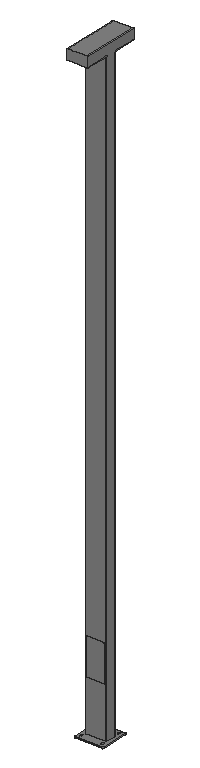
Revit family "Супремус В", category Осветительные приборы, Revit 2019 (continued)
Types (7, lengths in mm): name | Файл фотометрической сетки | built-in parameter 1150105 | Lumens | built-in parameter 1150106 | built-in parameter 1150142 | Wattage | L_общая рассеиватели | ADSK_Фактическая мощность | ADSK_Размер_Высота | ADSK_Номинальная мощность | ADSK_Наименование | ADSK_Масса_Текст | ADSK_Масса | ADSK_Артикул | 2
  ДТУ121с5 Светодиодный светильник Супремус-B ДТУ-121-AF-ДТУП1211(40Вт)-5,0 | "DTU-121-AF Supremus B 40W 60°x130°.ies" | 616.95 (stored number, unit not read) | 4400 lm | 6.1695 (stored number, unit not read) | "IESNA:LM-63-1995\r\n[TEST]\t\tALF\r\n[MANUFAC]\tALFRESCO\r\n[LUMCAT]\tDTU-121-AF\r\n[LUMINAIRE]\tDTU-121-AF Supremus B 40W 60°x130°\r\n[LAMP]\t\tOsram_Duris_S8\r\n[DATE]\t\t\r\n[OTHER]\t\t\r\nTILT=NONE\r\n1 3444.0 3.444 361 72 1 2 0.23 0.10 0.00\r\n1.0 1 28.0\r\n0.0 0.5 1.0 1.5 2.0 2.5 3.0 3.5 4.0 4.5 5.0 5.5 6.0 6.5 7.0 7.5 8.0 8.5 9.0 9.5 10.0 10.5 11.0 11.5 12.0 12.5 13.0 13.5 14.0 14.5\r\n 15.0 15.5 16.0 16.5 17.0 17.5 18.0 18.5 19.0 19.5 20.0 20.5 21.0 21.5 22.0 22.5 23.0 23.5 24.0 24.5 25.0 25.5 26.0 26.5 27.0 27.5\r\n 28.0 28.5 29.0 29.5 30.0 30.5 31.0 31.5 32.0 32.5 33.0 33.5 34.0 34.5 35.0 35.5 36.0 36.5 37.0 37.5 38.0 38.5 39.0 39.5 40.0 40.5\r\n 41.0 41.5 42.0 42.5 43.0 43.5 44.0 44.5 45.0 45.5 46.0 46.5 47.0 47.5 48.0 48.5 49.0 49.5 50.0 50.5 51.0 51.5 52.0 52.5 53.0 53.5\r\n 54.0 54.5 55.0 55.5 56.0 56.5 57.0 57.5 58.0 58.5 59.0 59.5 60.0 60.5 61.0 61.5 62.0 62.5 63.0 63.5 64.0 64.5 65.0 65.5 66.0 66.5\r\n 67.0 67.5 68.0 68.5 69.0 69.5 70.0 70.5 71.0 71.5 72.0 72.5 73.0 73.5 74.0 74.5 75.0 75.5 76.0 76.5 77.0 77.5 78.0 78.5 79.0 79.5\r\n 80.0 80.5 81.0 81.5 82.0 82.5 83.0 83.5 84.0 84.5 85.0 85.5 86.0 86.5 87.0 87.5 88.0 88.5 89.0 89.5 90.0 90.5 91.0 91.5 92.0 92.5\r\n 93.0 93.5 94.0 94.5 95.0 95.5 96.0 96.5 97.0 97.5 98.0 98.5 99.0 99.5 100.0 100.5 101.0 101.5 102.0 102.5 103.0 103.5 104.0 104.5\r\n 105.0 105.5 106.0 106.5 107.0 107.5 108.0 108.5 109.0 109.5 110.0 110.5 111.0 111.5 112.0 112.5 113.0 113.5 114.0 114.5 115.0\r\n 115.5 116.0 116.5 117.0 117.5 118.0 118.5 119.0 119.5 120.0 120.5 121.0 121.5 122.0 122.5 123.0 123.5 124.0 124.5 125.0 125.5\r\n 126.0 126.5 127.0 127.5 128.0 128.5 129.0 129.5 130.0 130.5 131.0 131.5 132.0 132.5 133.0 133.5 134.0 134.5 135.0 135.5 136.0\r\n 136.5 137.0 137.5 138.0 138.5 139.0 139.5 140.0 140.5 141.0 141.5 142.0 142.5 143.0 143.5 144.0 144.5 145.0 145.5 146.0 146.5\r\n 147.0 147.5 148.0 148.5 149.0 149.5 150.0 150.5 151.0 151.5 152.0 152.5 153.0 153.5 154.0 154.5 155.0 155.5 156.0 156.5 157.0\r\n 157.5 158.0 158.5 159.0 159.5 160.0 160.5 161.0 161.5 162.0 162.5 163.0 163.5 164.0 164.5 165.0 165.5 166.0 166.5 167.0 167.5\r\n 168.0 168.5 169.0 169.5 170.0 170.5 171.0 171.5 172.0 172.5 173.0 173.5 174.0 174.5 175.0 175.5 176.0 176.5 177.0 177.5 178.0\r\n 178.5 179.0 179.5 180.0\r\n0.0 5.0 10.0 15.0 20.0 25.0 30.0 35.0 40.0 45.0 50.0 55.0 60.0 65.0 70.0 75.0 80.0 85.0 90.0 95.0 100.0 105.0 110.0 115.0 120.0\r\n 125.0 130.0 135.0 140.0 145.0 150.0 155.0 160.0 165.0 170.0 175.0 180.0 185.0 190.0 195.0 200.0 205.0 210.0 215.0 220.0 225.0\r\n 230.0 235.0 240.0 245.0 250.0 255.0 260.0 265.0 270.0 275.0 280.0 285.0 290.0 295.0 300.0 305.0 310.0 315.0 320.0 325.0 330.0\r\n 335.0 340.0 345.0 350.0 355.0 360.0\r\n275.6 275.6 275.4 275.4 275.1 275.0 274.6 274.5 274.0 273.6 273.1 272.6 272.1 271.6 271.2 270.5 269.9 269.3 268.8 268.0 267.4\r\n 266.9 266.3 265.6 265.0 264.5 264.1 263.6 263.2 263.0 262.7 262.5 262.4 262.4 262.3 262.4 262.5 262.8 263.1 263.2 263.6 264.1\r\n 264.6 265.1 265.7 266.3 266.8 267.5 268.0 268.6 269.3 270.0 270.6 271.4 272.2 272.9 274.0 274.8 275.8 276.8 277.9 279.0 280.1\r\n 281.1 282.3 283.5 284.7 286.1 287.2 288.5 289.8 291.2 292.5 294.0 295.6 296.9 298.3 299.9 301.1 302.3 303.8 305.3 307.0 309.2\r\n 310.7 312.1 313.4 315.4 317.5 318.3 318.9 319.8 320.8 321.9 322.8 323.7 324.9 326.2 327.1 328.4 329.9 331.5 333.0 334.7 336.5\r\n 338.5 340.6 342.9 345.1 347.3 349.5 351.3 352.7 353.8 354.6 355.1 355.0 354.6 353.9 353.3 352.9 352.1 350.9 350.0 348.7 346.8\r\n 343.7 340.1 336.0 332.0 328.1 323.5 318.6 314.1 309.6 304.7 300.3 295.5 290.9 286.8 283.6 281.0 278.4 276.0 271.5 265.0 257.4\r\n 247.6 235.1 220.3 205.5 189.6 171.6 151.8 130.1 108.8 90.3 73.3 59.4 45.5 31.5 24.0 18.8 15.4 13.3 11.9 10.7 9.6 8.8 7.9 7.1 6.4\r\n 5.7 5.1 4.4 3.8 3.2 2.6 2.3 2.0 2.0 2.0 2.0 2.0 1.8 1.8 1.6 1.5 1.3 1.1 1.1 1.0 0.9 0.9 0.9 0.9 0.9 0.9 1.0 1.0 1.0 0.0 0.0 0.0\r\n 0.0 0.0 0.0 0.0 0.0 0.0 0.0 0.0 0.0 0.0 0.0 0.0 0.0 0.0 0.0 0.0 0.0 0.0 0.0 0.0 0.0 0.0 0.0 0.0 0.0 0.0 0.0 0.0 0.0 0.0 0.0 0.0\r\n 0.0 0.0 0.0 0.0 0.0 0.0 0.0 0.0 0.0 0.0 0.0 0.0 0.0 0.0 0.0 0.0 0.0 0.0 0.0 0.0 0.0 0.0 0.0 0.0 0.0 0.0 0.0 0.0 0.0 0.0 0.0 0.0\r\n 0.0 0.0 0.0 0.0 0.0 0.0 0.0 0.0 0.0 0.0 0.0 0.0 0.0 0.0 0.0 0.0 0.0 0.0 0.0 0.0 0.0 0.0 0.0 0.0 0.0 0.0 0.0 0.0 0.0 0.0 0.0 0.0\r\n 0.0 0.0 0.0 0.0 0.0 0.0 0.0 0.0 0.0 0.0 0.0 0.0 0.0 0.0 0.0 0.0 0.0 0.0 0.0 0.0 0.0 0.0 0.0 0.0 0.0 0.0 0.0 0.0 0.0 0.0 0.0 0.0\r\n 0.0 0.0 0.0 0.0 0.0 0.0 0.0 0.0 0.0 0.0 0.0 0.0 0.0 0.0 0.0 0.0 0.0 0.0 0.0 0.0 0.0 0.0 0.0 0.0 0.0 0.0 0.0 0.0 0.0\r\n275.6 275.8 276.0 276.1 276.0 276.0 276.0 275.8 275.6 275.4 275.2 275.0 274.6 274.4 274.0 273.7 273.1 272.7 272.5 272.2 271.6\r\n 271.3 270.9 270.4 270.1 269.8 269.6 269.5 269.4 269.3 269.3 269.3 269.5 269.6 269.9 270.2 270.3 270.5 271.1 271.7 272.2 272.8\r\n 273.5 274.2 274.8 275.5 276.2 276.9 277.6 278.4 279.1 279.8 280.4 281.3 282.1 283.0 284.0 284.8 285.9 287.0 288.1 289.3 290.2\r\n 291.4 292.5 294.0 295.3 296.4 297.8 299.2 300.5 301.9 303.5 305.3 306.9 308.6 310.5 312.2 314.0 316.1 318.2 320.4 322.7 325.4\r\n 327.9 330.2 332.3 335.0 337.3 338.6 339.9 341.3 342.8 344.4 345.3 346.3 347.8 349.5 351.3 353.4 355.6 358.0 360.0 362.1 364.4\r\n 366.6 368.9 371.0 373.3 375.5 377.8 379.6 381.5 382.8 383.9 384.9 385.4 385.3 385.1 385.1 384.7 384.1 382.7 381.0 378.8 376.3\r\n 373.0 368.5 363.7 358.7 353.8 348.2 342.3 336.7 330.6 324.5 319.0 314.1 310.2 306.7 304.3 302.4 300.6 298.2 293.4 286.7 277.8\r\n 266.5 251.9 234.3 216.2 198.9 180.1 159.7 138.7 117.6 96.5 78.5 62.9 47.8 36.5 28.1 21.8 17.8 15.1 13.2 11.7 10.5 9.5 8.6 7.6 6.8\r\n 6.1 5.5 4.9 4.5 4.0 3.5 3.0 2.5 2.3 2.2 2.0 1.9 1.7 1.6 1.5 1.4 1.2 1.0 1.0 0.9 0.8 0.8 0.8 0.9 0.9 0.9 0.9 0.9 1.0 0.0 0.0 0.0\r\n 0.0 0.0 0.0 0.0 0.0 0.0 0.0 0.0 0.0 0.0 0.0 0.0 0.0 0.0 0.0 0.0 0.0 0.0 0.0 0.0 0.0 0.0 0.0 0.0 0.0 0.0 0.0 0.0 0.0 0.0 0.0 0.0\r\n 0.0 0.0 0.0 0.0 0.0 0.0 0.0 0.0 0.0 0.0 0.0 0.0 0.0 0.0 0.0 0.0 0.0 0.0 0.0 0.0 0.0 0.0 0.0 0.0 0.0 0.0 0.0 0.0 0.0 0.0 0.0 0.0\r\n 0.0 0.0 0.0 0.0 0.0 0.0 0.0 0.0 0.0 0.0 0.0 0.0 0.0 0.0 0.0 0.0 0.0 0.0 0.0 0.0 0.0 0.0 0.0 0.0 0.0 0.0 0.0 0.0 0.0 0.0 0.0 0.0\r\n 0.0 0.0 0.0 0.0 0.0 0.0 0.0 0.0 0.0 0.0 0.0 0.0 0.0 0.0 0.0 0.0 0.0 0.0 0.0 0.0 0.0 0.0 0.0 0.0 0.0 0.0 0.0 0.0 0.0 0.0 0.0 0.0\r\n 0.0 0.0 0.0 0.0 0.0 0.0 0.0 0.0 0.0 0.0 0.0 0.0 0.0 0.0 0.0 0.0 0.0 0.0 0.0 0.0 0.0 0.0 0.0 0.0 0.0 0.0 0.0 0.0 0.0\r\n275.6 276.1 276.5 276.7 276.9 277.1 277.2 277.4 277.5 277.4 277.4 277.4 277.3 277.2 277.0 277.0 276.8 276.7 276.7 276.6 276.4\r\n 276.2 276.1 276.0 275.9 276.0 276.1 276.2 276.4 276.6 276.9 277.2 277.6 278.0 278.5 278.7 279.2 279.7 280.4 281.3 281.9 282.7\r\n 283.7 284.4 285.3 286.3 287.0 288.1 289.0 289.8 290.7 291.6 292.4 293.5 294.4 295.4 296.4 297.5 298.5 299.6 300.8 301.9 303.1\r\n 304.1 305.5 306.8 308.2 309.5 311.0 312.6 314.2 315.9 317.7 319.5 321.7 323.9 326.0 328.4 330.6 333.0 335.8 338.6 341.5 344.9\r\n 348.0 350.8 353.8 357.6 359.8 361.7 363.6 365.7 367.6 369.1 370.7 372.2 373.9 375.9 378.3 380.3 382.6 384.7 386.8 388.8 390.9\r\n 393.4 395.9 398.6 401.8 405.1 408.0 410.1 412.3 414.2 415.4 416.7 418.1 418.9 418.6 418.2 417.3 415.9 413.1 409.5 405.5 400.6\r\n 395.6 389.1 381.5 374.1 367.2 360.6 353.6 346.5 339.9 332.8 326.5 321.5 317.8 315.1 313.2 311.4 309.6 307.5 303.5 296.2 286.7\r\n 274.5 259.0 241.1 222.7 204.6 186.2 166.7 146.6 124.5 102.4 83.0 66.8 54.4 42.0 34.0 27.7 23.0 19.7 17.4 15.4 13.7 12.2 10.8 9.5\r\n 8.4 7.5 6.7 6.0 5.4 4.7 4.0 3.2 2.8 2.7 2.5 2.3 2.2 1.9 1.7 1.4 1.3 1.1 1.0 0.9 0.9 0.8 0.8 0.8 0.8 0.8 0.8 0.9 0.9 0.9 0.0 0.0\r\n 0.0 0.0 0.0 0.0 0.0 0.0 0.0 0.0 0.0 0.0 0.0 0.0 0.0 0.0 0.0 0.0 0.0 0.0 0.0 0.0 0.0 0.0 0.0 0.0 0.0 0.0 0.0 0.0 0.0 0.0 0.0 0.0\r\n 0.0 0.0 0.0 0.0 0.0 0.0 0.0 0.0 0.0 0.0 0.0 0.0 0.0 0.0 0.0 0.0 0.0 0.0 0.0 0.0 0.0 0.0 0.0 0.0 0.0 0.0 0.0 0.0 0.0 0.0 0.0 0.0\r\n 0.0 0.0 0.0 0.0 0.0 0.0 0.0 0.0 0.0 0.0 0.0 0.0 0.0 0.0 0.0 0.0 0.0 0.0 0.0 0.0 0.0 0.0 0.0 0.0 0.0 0.0 0.0 0.0 0.0 0.0 0.0 0.0\r\n 0.0 0.0 0.0 0.0 0.0 0.0 0.0 0.0 0.0 0.0 0.0 0.0 0.0 0.0 0.0 0.0 0.0 0.0 0.0 0.0 0.0 0.0 0.0 0.0 0.0 0.0 0.0 0.0 0.0 0.0 0.0 0.0\r\n 0.0 0.0 0.0 0.0 0.0 0.0 0.0 0.0 0.0 0.0 0.0 0.0 0.0 0.0 0.0 0.0 0.0 0.0 0.0 0.0 0.0 0.0 0.0 0.0 0.0 0.0 0.0 0.0 0.0 0.0\r\n275.6 276.3 276.8 277.3 277.7 278.4 278.7 279.0 279.3 279.6 279.8 280.0 280.2 280.4 280.6 280.6 280.9 281.1 281.3 281.5 281.7\r\n 281.7 282.0 282.2 282.4 282.8 283.3 283.5 284.0 284.6 285.2 285.8 286.4 287.0 287.5 288.1 288.9 289.7 290.6 291.5 292.4 293.5\r\n 294.5 295.7 296.8 298.0 299.1 300.1 301.3 302.4 303.6 304.8 306.0 306.9 308.0 309.1 310.2 311.3 312.6 313.7 314.9 315.9 317.0\r\n 318.3 319.5 320.8 322.5 324.0 325.7 327.5 329.4 331.3 333.5 335.8 338.3 341.0 343.7 346.8 349.9 352.9 356.0 359.2 362.4 365.5\r\n 369.0 372.3 375.2 379.1 381.7 383.3 385.5 387.7 389.9 392.0 394.2 396.4 399.0 402.0 404.7 407.5 410.5 413.1 415.5 418.2 420.7\r\n 423.2 425.5 427.8 430.1 433.0 435.6 437.9 439.5 441.0 442.1 442.9 443.2 443.5 443.3 442.0 439.9 436.6 432.7 427.8 422.8 416.7\r\n 409.6 401.5 392.6 382.9 372.3 362.7 353.2 344.9 336.4 327.6 319.6 313.1 308.1 304.8 301.6 298.0 295.3 293.3 290.2 285.5 278.1\r\n 268.9 257.0 241.8 225.0 207.5 190.2 174.2 157.5 137.7 117.8 98.0 80.6 66.7 54.7 44.5 36.9 30.9 26.3 23.0 20.5 18.1 16.0 14.2 12.7\r\n 11.3 10.1 8.9 7.9 6.8 5.8 5.0 4.4 3.7 3.2 2.8 2.6 2.3 2.0 1.8 1.6 1.3 1.1 0.9 0.9 0.8 0.7 0.7 0.7 0.7 0.8 0.8 0.8 0.8 0.8 0.0 0.0\r\n 0.0 0.0 0.0 0.0 0.0 0.0 0.0 0.0 0.0 0.0 0.0 0.0 0.0 0.0 0.0 0.0 0.0 0.0 0.0 0.0 0.0 0.0 0.0 0.0 0.0 0.0 0.0 0.0 0.0 0.0 0.0 0.0\r\n 0.0 0.0 0.0 0.0 0.0 0.0 0.0 0.0 0.0 0.0 0.0 0.0 0.0 0.0 0.0 0.0 0.0 0.0 0.0 0.0 0.0 0.0 0.0 0.0 0.0 0.0 0.0 0.0 0.0 0.0 0.0 0.0\r\n 0.0 0.0 0.0 0.0 0.0 0.0 0.0 0.0 0.0 0.0 0.0 0.0 0.0 0.0 0.0 0.0 0.0 0.0 0.0 0.0 0.0 0.0 0.0 0.0 0.0 0.0 0.0 0.0 0.0 0.0 0.0 0.0\r\n 0.0 0.0 0.0 0.0 0.0 0.0 0.0 0.0 0.0 0.0 0.0 0.0 0.0 0.0 0.0 0.0 0.0 0.0 0.0 0.0 0.0 0.0 0.0 0.0 0.0 0.0 0.0 0.0 0.0 0.0 0.0 0.0\r\n 0.0 0.0 0.0 0.0 0.0 0.0 0.0 0.0 0.0 0.0 0.0 0.0 0.0 0.0 0.0 0.0 0.0 0.0 0.0 0.0 0.0 0.0 0.0 0.0 0.0 0.0 0.0 0.0 0.0 0.0\r\n275.6 276.5 277.1 277.9 278.7 279.3 279.9 280.5 281.1 281.6 282.1 282.5 283.0 283.5 283.9 284.5 285.0 285.7 286.2 286.8 287.3\r\n 287.7 288.4 289.0 289.4 290.0 290.8 291.5 292.2 293.1 293.9 294.5 295.1 295.9 296.6 297.3 298.2 299.0 299.9 301.0 302.0 303.2\r\n 304.4 305.8 306.9 308.4 309.5 310.9 312.5 313.6 314.9 316.1 317.3 318.2 319.1 320.2 321.2 322.3 323.2 324.2 325.2 326.4 327.8\r\n 328.8 330.2 331.6 333.3 335.0 336.9 338.8 341.0 343.3 345.6 348.3 351.3 354.7 358.0 361.5 364.6 367.8 370.9 374.4 377.8 381.6\r\n 385.5 389.2 392.6 396.5 399.8 401.8 404.5 407.2 409.6 411.9 414.3 417.0 419.9 422.6 425.3 428.1 431.1 434.1 437.0 440.0 443.1\r\n 446.3 449.4 452.9 455.6 458.1 460.2 462.0 463.3 463.7 463.4 462.6 461.1 458.9 456.5 453.6 449.6 444.6 438.6 432.3 425.5 418.1\r\n 409.8 400.5 391.0 379.6 368.1 355.7 343.7 332.8 322.6 313.7 304.8 296.6 289.6 284.2 280.3 277.1 274.0 270.8 267.2 263.5 258.3\r\n 251.5 241.9 230.0 216.6 201.9 186.4 171.2 157.1 142.6 126.2 108.2 90.7 76.1 64.7 54.8 45.0 38.2 32.8 28.6 25.1 22.3 19.7 17.3\r\n 15.4 13.6 11.9 10.4 9.1 7.8 6.8 5.7 4.7 4.1 3.6 3.2 2.9 2.7 2.3 2.0 1.7 1.5 1.3 1.2 0.9 0.8 0.7 0.7 0.7 0.7 0.7 0.7 0.7 0.7 0.7\r\n 0.0 0.0 0.0 0.0 0.0 0.0 0.0 0.0 0.0 0.0 0.0 0.0 0.0 0.0 0.0 0.0 0.0 0.0 0.0 0.0 0.0 0.0 0.0 0.0 0.0 0.0 0.0 0.0 0.0 0.0 0.0 0.0\r\n 0.0 0.0 0.0 0.0 0.0 0.0 0.0 0.0 0.0 0.0 0.0 0.0 0.0 0.0 0.0 0.0 0.0 0.0 0.0 0.0 0.0 0.0 0.0 0.0 0.0 0.0 0.0 0.0 0.0 0.0 0.0 0.0\r\n 0.0 0.0 0.0 0.0 0.0 0.0 0.0 0.0 0.0 0.0 0.0 0.0 0.0 0.0 0.0 0.0 0.0 0.0 0.0 0.0 0.0 0.0 0.0 0.0 0.0 0.0 0.0 0.0 0.0 0.0 0.0 0.0\r\n 0.0 0.0 0.0 0.0 0.0 0.0 0.0 0.0 0.0 0.0 0.0 0.0 0.0 0.0 0.0 0.0 0.0 0.0 0.0 0.0 0.0 0.0 0.0 0.0 0.0 0.0 0.0 0.0 0.0 0.0 0.0 0.0\r\n 0.0 0.0 0.0 0.0 0.0 0.0 0.0 0.0 0.0 0.0 0.0 0.0 0.0 0.0 0.0 0.0 0.0 0.0 0.0 0.0 0.0 0.0 0.0 0.0 0.0 0.0 0.0 0.0 0.0 0.0 0.0 0.0\r\n275.6 276.8 277.7 278.6 279.6 280.4 281.3 282.3 283.0 283.9 284.7 285.5 286.3 287.1 288.0 288.9 289.8 290.8 291.8 292.5 293.3\r\n 294.1 294.9 295.9 296.6 297.5 298.2 299.1 299.9 300.9 301.7 302.5 303.2 304.0 304.8 305.6 306.5 307.3 308.3 309.4 310.5 311.6\r\n 313.1 314.2 315.5 316.7 318.1 319.2 320.7 321.9 323.1 324.3 325.3 326.3 327.4 328.3 329.1 330.1 330.9 332.0 333.0 334.1 335.5\r\n 336.7 338.1 339.5 341.2 342.8 344.8 347.1 349.4 351.9 354.6 357.6 360.8 364.0 367.0 370.3 373.8 377.5 381.5 385.2 388.9 392.5\r\n 396.3 399.9 403.7 407.6 411.2 414.3 417.3 420.5 423.1 425.7 428.1 430.6 433.8 436.9 440.2 443.8 447.1 450.6 454.2 457.3 460.4\r\n 463.4 465.7 468.6 471.4 474.0 476.3 477.9 479.0 479.3 477.8 474.9 471.3 466.5 461.7 456.5 450.4 444.2 438.4 431.7 423.9 415.8\r\n 407.8 398.9 388.6 377.5 366.1 354.0 342.0 330.3 318.1 306.5 295.8 285.8 276.5 267.0 258.7 251.0 244.9 239.2 233.6 228.2 222.4\r\n 215.5 207.3 198.4 188.9 178.9 169.1 159.2 148.6 135.9 123.3 110.6 96.7 82.9 71.7 62.1 53.2 45.6 39.2 34.1 30.0 26.5 23.4 20.8\r\n 18.3 15.7 13.8 12.1 10.7 9.4 8.0 7.0 6.2 5.1 4.2 3.5 3.2 3.0 2.6 2.2 2.0 1.8 1.6 1.4 1.2 1.1 0.9 0.7 0.6 0.6 0.6 0.6 0.6 0.7 0.7\r\n 0.0 0.0 0.0 0.0 0.0 0.0 0.0 0.0 0.0 0.0 0.0 0.0 0.0 0.0 0.0 0.0 0.0 0.0 0.0 0.0 0.0 0.0 0.0 0.0 0.0 0.0 0.0 0.0 0.0 0.0 0.0 0.0\r\n 0.0 0.0 0.0 0.0 0.0 0.0 0.0 0.0 0.0 0.0 0.0 0.0 0.0 0.0 0.0 0.0 0.0 0.0 0.0 0.0 0.0 0.0 0.0 0.0 0.0 0.0 0.0 0.0 0.0 0.0 0.0 0.0\r\n 0.0 0.0 0.0 0.0 0.0 0.0 0.0 0.0 0.0 0.0 0.0 0.0 0.0 0.0 0.0 0.0 0.0 0.0 0.0 0.0 0.0 0.0 0.0 0.0 0.0 0.0 0.0 0.0 0.0 0.0 0.0 0.0\r\n 0.0 0.0 0.0 0.0 0.0 0.0 0.0 0.0 0.0 0.0 0.0 0.0 0.0 0.0 0.0 0.0 0.0 0.0 0.0 0.0 0.0 0.0 0.0 0.0 0.0 0.0 0.0 0.0 0.0 0.0 0.0 0.0\r\n 0.0 0.0 0.0 0.0 0.0 0.0 0.0 0.0 0.0 0.0 0.0 0.0 0.0 0.0 0.0 0.0 0.0 0.0 0.0 0.0 0.0 0.0 0.0 0.0 0.0 0.0 0.0 0.0 0.0 0.0 0.0 0.0\r\n275.6 276.9 278.1 279.3 280.4 281.6 282.6 283.9 285.1 286.2 287.2 288.6 289.6 290.9 292.1 293.5 294.5 295.9 297.0 298.0 298.9\r\n 300.1 301.1 302.1 303.0 303.8 304.7 305.8 306.9 307.7 308.6 309.4 310.2 311.1 311.7 312.4 313.3 314.1 315.2 316.3 317.5 318.7\r\n 320.0 321.4 322.9 324.0 325.4 326.6 327.8 328.8 329.8 330.7 331.5 332.4 333.2 334.0 335.0 335.6 336.4 337.7 338.3 339.4 340.6\r\n 341.8 343.0 344.5 345.9 347.8 349.7 352.1 354.5 357.1 360.0 363.2 366.4 369.5 372.7 375.8 379.2 382.5 386.2 389.8 392.9 396.3\r\n 399.6 403.4 407.6 412.4 416.8 420.7 424.4 428.7 432.0 434.6 437.4 440.2 443.4 447.0 451.0 454.6 458.2 461.2 464.1 467.4 470.9\r\n 474.5 477.9 480.3 482.1 482.9 482.6 481.5 480.4 479.0 476.8 473.5 469.4 464.3 458.9 453.1 447.3 440.2 432.1 424.6 416.8 408.5\r\n 399.1 389.3 379.7 369.3 358.1 346.1 333.5 321.0 308.5 295.5 282.5 270.1 257.5 244.9 232.9 221.4 209.8 198.6 188.4 180.3 172.3\r\n 164.8 157.7 151.2 144.3 136.7 128.2 119.8 111.6 103.1 94.0 84.8 75.9 67.6 60.5 53.6 47.1 41.0 35.9 31.7 28.0 24.8 21.9 19.5 17.1\r\n 14.9 13.0 11.4 10.0 8.6 7.6 6.8 6.1 5.2 4.5 4.1 3.8 3.5 3.1 2.7 2.4 2.1 2.0 1.7 1.5 1.2 1.0 0.9 0.8 0.7 0.6 0.5 0.4 0.3 0.1 0.0\r\n 0.0 0.0 0.0 0.0 0.0 0.0 0.0 0.0 0.0 0.0 0.0 0.0 0.0 0.0 0.0 0.0 0.0 0.0 0.0 0.0 0.0 0.0 0.0 0.0 0.0 0.0 0.0 0.0 0.0 0.0 0.0 0.0\r\n 0.0 0.0 0.0 0.0 0.0 0.0 0.0 0.0 0.0 0.0 0.0 0.0 0.0 0.0 0.0 0.0 0.0 0.0 0.0 0.0 0.0 0.0 0.0 0.0 0.0 0.0 0.0 0.0 0.0 0.0 0.0 0.0\r\n 0.0 0.0 0.0 0.0 0.0 0.0 0.0 0.0 0.0 0.0 0.0 0.0 0.0 0.0 0.0 0.0 0.0 0.0 0.0 0.0 0.0 0.0 0.0 0.0 0.0 0.0 0.0 0.0 0.0 0.0 0.0 0.0\r\n 0.0 0.0 0.0 0.0 0.0 0.0 0.0 0.0 0.0 0.0 0.0 0.0 0.0 0.0 0.0 0.0 0.0 0.0 0.0 0.0 0.0 0.0 0.0 0.0 0.0 0.0 0.0 0.0 0.0 0.0 0.0 0.0\r\n 0.0 0.0 0.0 0.0 0.0 0.0 0.0 0.0 0.0 0.0 0.0 0.0 0.0 0.0 0.0 0.0 0.0 0.0 0.0 0.0 0.0 0.0 0.0 0.0 0.0 0.0 0.0 0.0 0.0 0.0 0.0\r\n275.6 277.0 278.4 279.8 281.3 282.5 284.0 285.3 286.9 288.4 289.8 291.3 293.1 294.4 296.1 297.6 299.3 300.6 301.8 303.1 304.3\r\n 305.4 306.5 307.7 308.6 309.5 310.5 311.6 312.7 313.5 314.2 315.0 316.1 317.0 318.0 319.1 320.3 321.4 322.7 323.3 324.3 325.4\r\n 326.1 327.0 327.9 328.9 330.0 330.9 332.0 332.9 333.5 334.5 335.4 335.9 336.5 337.4 338.2 339
